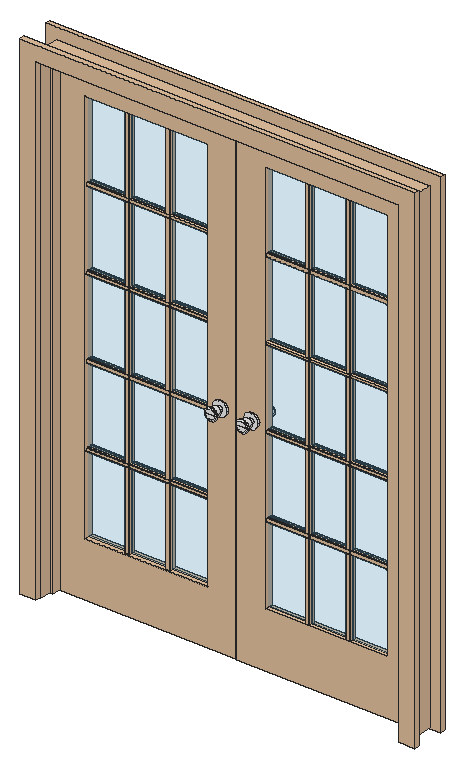
Revit family "M_Porta-Interna-Vidro completo-Duplo-Madeira", category Portas, Revit 2019
Family settings
  Hospedeiro = Parede
  Número OmniClass = 23.30.10.00
  Título OmniClass = Doors
  Sempre na vertical = Sim
  Corte com vazios quando carregada = Não
  Compartilhado = Não
  Ponto de cálculo do ambiente = Não
Parameters (values of type "1500 x 2000mm")
  Visual Light Transmittance = 0
  Material da apara = Cerejeira
  Corrimão superior = 120 mm
  Espessura = 35 mm
  Resistência térmica (R) = 0.188367 (m²·K)/W
  Ângulo de abertura [instance] = 90.00°
  Estilos = 120 mm
  Solar Heat Gain Coefficient = 0
  Mostrar grelha [instance] = yes
  Largura bruta = Largura + 50 mm  # 1550 mm
  Altura bruta = Altura + 25 mm  # 2025 mm
  Largura do painel = Largura / 2  # 750 mm
  Material do painel = Cerejeira
  Altura = 2000 mm
  Fechamento da parede = Por hospedeiro
  Largura = 1500 mm
  Coeficiente de transferência de calor (U) = 5.30918 W/(m²·K)
  Função = Interior
  Material da moldura = Cerejeira
  Material da maçaneta = Alumín. 1
  Corrimão inferior = 230 mm
  Código de montagem = "C1020300"
  Construção analítica = "Porta francesa, moldura de madeira com vidro único"
Reference planes
  plane 1 "Centro (Frente/Trás)": y = 0
  plane 2 "Centro (Esquerda/Direita)": x = 0
  plane 3 "Esquerda": x = -775
  plane 4 "Direita": x = 775
  plane 5 "Superior": z = 2025
  plane 6 "Exterior": y = 53.975
  plane 7 "Interior": y = -60.325
  plane 8 "Painel esquerdo da porta": x = -750
  plane 9 "Painel direito da porta": x = 750
  plane 10 "Topo do painel": z = 2000
  plane 11: z = 0
  plane 12: z = 0
  plane 13: x = 768.65
  plane 14: y = 18.975
  plane 15: y = -15.95
  plane 16: x = 737.3
  plane 17: y = 18.975
  plane 18: z = 230
  plane 19: z = 1880
  plane 20: x = 630
  plane 21: x = -630
  plane 22: y = 32.975
  plane 23: y = 39.975
  plane 24: z = 914.4
  plane 25: y = 25.975
  plane 26: y = 46.975
  plane 27: x = 120
  plane 28: x = -120
  plane 29: x = -375
  plane 30: x = 375
  plane 31: z = 1000
  plane 32 "Vidro": y = 36.475
Forms (mm)
  Sweep 1, solid, material "Cerejeira" <- "Material da moldura"
    path origin (0, 0, 0) x (1, 0, 0) y (0, 0, 1)
      loop
        line (775, 0) -> (775, 2025) -> (-775, 2025) -> (-775, 0)
    profile origin (775, 0, 1012.5) x (-1, 0, 0) y (0, -1, 0)
      loop
        line (25, -53.975) -> (25, -18.975) -> (37.7, -18.975) -> (37.7, 15.95) -> (25, 15.95) -> (25, 60.325) -> (0, 60.325) -> (0, -53.975) -> (25, -53.975)
  Extrusion 2, solid, material "Cerejeira" <- "Material do painel"
    sketch origin (0, 0, 0) x (1, 0, 0) y (0, 0, 1)
      loop
        line (750, 2000) -> (-750, 2000) -> (-750, 0) -> (750, 0) -> (750, 2000)
      loop
        line (630, 1880) -> (120, 1880) -> (120, 230) -> (630, 230) -> (630, 1880)
      loop
        line (-630, 1880) -> (-630, 230) -> (-120, 230) -> (-120, 1880) -> (-630, 1880)
    from -53.975 to -18.975
  Extrusion 3, solid, material "Vidro"
    sketch origin (0, 0, 0) x (1, 0, 0) y (0, 0, 1)
      loop
        line (630, 1880) -> (120, 1880) -> (120, 230) -> (630, 230) -> (630, 1880)
      loop
        line (-630, 1880) -> (-630, 230) -> (-120, 230) -> (-120, 1880) -> (-630, 1880)
    from -39.975 to -32.975
  Sweep 4, solid, material "Cerejeira" <- "Material da apara", detail levels fine
    path origin (0, 53.975, 0) x (1, 0, 0) y (0, 0, 1)
      loop
        line (750, 0) -> (750, 2000) -> (-750, 2000) -> (-750, 0)
    profile "Perfil de caixa-plano : 20 x 65mm" origin (750, 53.975, 1000) x (-1, 0, 0) y (0, -1, 0)
      loop
        line (-6.35, -20) -> (-6.35, 0) -> (-71.35, 0) -> (-71.35, -20) -> (-6.35, -20)
  Sweep 5, solid, material "Cerejeira" <- "Material da apara", detail levels fine
    path origin (0, -60.325, 0) x (1, 0, 0) y (0, 0, 1)
      loop
        line (750, 0) -> (750, 2000) -> (-750, 2000) -> (-750, 0)
    profile "Perfil de caixa-plano : 20 x 65mm" origin (750, -60.325, 1000) x (-1, 0, 0) y (0, -1, 0)
      loop
        line (-6.35, 20) -> (-71.35, 20) -> (-71.35, 0) -> (-6.35, 0) -> (-6.35, 20)
  Extrusion 6, void
    sketch origin (0, 0, 0) x (1, 0, 0) y (0, 1, 0)
      loop
        line (-1.602, 53.975) -> (-1.602, 18.975) -> (1.587, 18.975) -> (1.587, 53.975) -> (-1.602, 53.975)
    from 0 to 2000
Cuts and joins
  Extrusion 6 cuts Sweep 1
  Extrusion 6 cuts Extrusion 2
  Extrusion 6 cuts Extrusion 3
  Extrusion 6 cuts Sweep 4
Lines and regions (mm)
  Opening 1
    outline origin (-2286, -60.325, 0) x (1, 0, 0) y (0, 0, 1)
      loop
        line (1511, 0) -> (3061, 0) -> (3061, 2025) -> (1511, 2025) -> (1511, 0)
  Masking region 1, detail levels coarse+medium
    outline origin (0, 0, 0) x (1, 0, 0) y (0, 1, 0)
      loop
        line (-775, 53.975) -> (-775, -60.325) -> (-750, -60.325) -> (-750, 53.975) -> (-775, 53.975)
      loop
        line (775, 53.975) -> (750, 53.975) -> (750, -60.325) -> (775, -60.325) -> (775, 53.975)
  Masking region 2, detail levels fine
    outline origin (-25.4, 0, 0) x (1, 0, 0) y (0, 1, 0)
      loop
        line (-749.6, 53.975) -> (-749.6, -60.325) -> (-724.6, -60.325) -> (-724.6, -15.95) -> (-711.9, -15.95) -> (-711.9, 18.975) -> (-724.6, 18.975) -> (-724.6, 53.975) -> (-749.6, 53.975)
      loop
        line (800.4, 53.975) -> (775.4, 53.975) -> (775.4, 18.975) -> (762.7, 18.975) -> (762.7, -15.95) -> (775.4, -15.95) -> (775.4, -60.325) -> (800.4, -60.325) -> (800.4, 53.975)
  Masking region 3, detail levels fine
    outline origin (0, 0, 0) x (1, 0, 0) y (0, 1, 0)
      loop
        line (-821.35, 73.975) -> (-821.35, 53.975) -> (-756.35, 53.975) -> (-756.35, 73.975) -> (-821.35, 73.975)
      loop
        line (-821.35, -60.325) -> (-821.35, -80.325) -> (-756.35, -80.325) -> (-756.35, -60.325) -> (-821.35, -60.325)
      loop
        line (756.35, 73.975) -> (756.35, 53.975) -> (821.35, 53.975) -> (821.35, 73.975) -> (756.35, 73.975)
      loop
        line (756.35, -60.325) -> (756.35, -80.325) -> (821.35, -80.325) -> (821.35, -60.325) -> (756.35, -60.325)
  Masking region 4
    outline origin (0, 0, 0) x (0, 1, 0) y (0, 0, 1)
      loop
        line (53.975, 2025) -> (-60.325, 2025) -> (-60.325, 2018.65) -> (53.975, 2018.65) -> (53.975, 2025)
  symbolic lines, style "Giro da elevação"
    curve 1: line (0, 53.975, 2000) -> (750, 53.975, 1000)
    curve 2: line (750, 53.975, 1000) -> (0, 53.975, 0)
    curve 3: line (0, 53.975, 2000) -> (-750, 53.975, 1000)
    curve 4: line (-750, 53.975, 1000) -> (0, 53.975, 0)
  model lines, style "DoorsGlassProjection"
    curve 5: line (630, 36.475, 1880) -> (630, 36.475, 230)
    curve 6: line (120, 36.475, 1880) -> (120, 36.475, 230)
    curve 7: line (-630, 36.475, 1880) -> (-630, 36.475, 230)
    curve 8: line (-120, 36.475, 1880) -> (-120, 36.475, 230)
Text (mm)
  text "Exterior" at (-1904.17, 693.701, 0), in view "Nível de referência"
  text "Interior" at (-1904.17, -638.649, 0), in view "Nível de referência"
  text "Exterior" at (0, 1019.848, 3124.603), in view "Direita"
  text "Interior" at (0, -1635.541, 3124.603), in view "Direita"
  text "Interior" at (0, -787.806, 3124.376), in view "Esquerda"
  text "Exterior" at (0, 1386.095, 3124.376), in view "Esquerda"
Dimensions and locks
  equal spacing: plane 3 "Esquerda", plane 2 "Centro (Esquerda/Direita)", plane 4 "Direita"
  "Altura bruta": level to plane 5 "Superior"
  equal spacing: plane 8 "Painel esquerdo da porta", plane 2 "Centro (Esquerda/Direita)", plane 9 "Painel direito da porta"
  "Largura": plane 8 "Painel esquerdo da porta" to plane 9 "Painel direito da porta"
  "Altura": level to plane 10 "Topo do painel"
  plane 11 to plane 12 = 0 mm
  locked: plane 13 to plane 4 "Direita" at 6.35
  "Espessura": plane 14 to plane 6 "Exterior"
  locked: plane 14 to plane 15 at 34.925
  locked: plane 16 to plane 9 "Painel direito da porta" at 12.7
  "Espessura": plane 6 "Exterior" to plane 17
  "Largura bruta": plane 3 "Esquerda" to plane 4 "Direita"
  "Corrimão superior": plane 19 to plane 10 "Topo do painel"
  "Estilos": plane 20 to plane 9 "Painel direito da porta"
  "Estilos": plane 8 "Painel esquerdo da porta" to plane 21
  locked: plane 12 to plane 24 at 914.4
  equal spacing: plane 17, plane 25, plane 22, plane 23, plane 26, plane 6 "Exterior"
  "Estilos": plane 2 "Centro (Esquerda/Direita)" to plane 27
  "Estilos": plane 2 "Centro (Esquerda/Direita)" to plane 28
  equal spacing: plane 27, plane 30, plane 20
  equal spacing: plane 21, plane 29, plane 28
  locked: Extrusion 6 sketch curve to plane 2 "Centro (Esquerda/Direita)" at 1.602
  locked: plane 2 "Centro (Esquerda/Direita)" to Extrusion 6 sketch curve at 1.588
  cut or joined group of Extrusion 2, Extrusion 6 to nested 5 = 1650 mm
  "Corrimão inferior": plane 12 to plane 18
  equal spacing: plane 11, plane 31, plane 10 "Topo do painel"
  plane 23 to plane 22 = 7 mm
  locked: plane 5 "Superior" to Masking region 4 sketch curve at 6.35
  equal spacing: plane 23, plane 32 "Vidro", plane 22
  aligned and locked: plane 3 "Esquerda" to Opening 1 sketch curve
  aligned and locked: plane 5 "Superior" to Opening 1 sketch curve  (x2)
  aligned and locked: Opening 1 sketch curve to plane 4 "Direita"
  aligned and locked: Opening 1 sketch curve to level
  aligned and locked: plane 6 "Exterior" to host wall
  aligned and locked: plane 7 "Interior" to host wall
  aligned and locked: plane 5 "Superior" to Sweep 1 sketch curve
  aligned and locked: plane 4 "Direita" to Sweep 1 sketch curve
  aligned and locked: Sweep 1 sketch curve to plane 3 "Esquerda"
  aligned and locked: plane 11 to level
  aligned and locked: plane 11 to Sweep 1 sketch curve  (x2)
  aligned and locked: Sweep 1 sketch curve to plane 9 "Painel direito da porta"
  aligned and locked: Sweep 1 sketch curve to host wall
  aligned and locked: Sweep 1 sketch curve to plane 7 "Interior"
  aligned and locked: plane 15 to Sweep 1 sketch curve
  aligned and locked: Sweep 1 sketch curve to plane 16
  aligned and locked: Sweep 1 sketch curve to plane 14
  aligned and locked: Extrusion 2 sketch curve to plane 10 "Topo do painel"
  aligned and locked: Extrusion 2 sketch curve to plane 8 "Painel esquerdo da porta"
  aligned and locked: plane 9 "Painel direito da porta" to Extrusion 2 sketch curve
  aligned and locked: Extrusion 2 sketch curve to plane 12
  aligned and locked: Extrusion 2 to plane 17
  aligned and locked: Extrusion 2 to plane 6 "Exterior"
  aligned and locked: Extrusion 2 sketch curve to plane 19
  aligned and locked: Extrusion 2 sketch curve to plane 21
  aligned and locked: plane 20 to Extrusion 2 sketch curve
  aligned and locked: Extrusion 2 sketch curve to plane 18
  aligned and locked: Extrusion 3 sketch curve to plane 19
  aligned and locked: plane 20 to Extrusion 3 sketch curve
  aligned and locked: Extrusion 3 sketch curve to plane 21
  aligned and locked: Extrusion 3 sketch curve to plane 18
  aligned and locked: Extrusion 3 to plane 23
  aligned and locked: Extrusion 3 to plane 22
  aligned and locked: nested 1 to plane 9 "Painel direito da porta"
  aligned and locked: plane 6 "Exterior" to nested 1
  aligned and locked: plane 6 "Exterior" to nested 2  (x2)
  aligned and locked: nested 3 to plane 17  (x2)
  aligned and locked: plane 9 "Painel direito da porta" to Sweep 4 sketch curve
  aligned and locked: Sweep 4 sketch curve to plane 8 "Painel esquerdo da porta"
  aligned and locked: Sweep 4 sketch curve to plane 10 "Topo do painel"
  aligned and locked: Sweep 5 sketch curve to plane 9 "Painel direito da porta"
  aligned and locked: Sweep 5 sketch curve to plane 10 "Topo do painel"
  aligned and locked: plane 8 "Painel esquerdo da porta" to Sweep 5 sketch curve
  aligned and locked: Masking region 1 sketch curve to plane 3 "Esquerda"
  aligned and locked: plane 8 "Painel esquerdo da porta" to Masking region 1 sketch curve
  aligned and locked: Masking region 1 sketch curve to plane 7 "Interior"
  aligned and locked: plane 6 "Exterior" to Masking region 1 sketch curve
  aligned and locked: plane 9 "Painel direito da porta" to Masking region 1 sketch curve
  aligned and locked: Masking region 1 sketch curve to plane 4 "Direita"
  aligned and locked: plane 7 "Interior" to Masking region 1 sketch curve
  aligned and locked: Masking region 1 sketch curve to plane 6 "Exterior"
  aligned and locked: plane 11 to Sweep 4 sketch curve  (x2)
  aligned and locked: plane 11 to Sweep 5 sketch curve  (x2)
  aligned and locked: Masking region 2 sketch curve to plane 3 "Esquerda"
  aligned and locked: Masking region 2 sketch curve to plane 7 "Interior"
  aligned and locked: plane 6 "Exterior" to Masking region 2 sketch curve
  aligned and locked: Masking region 2 sketch curve to Sweep 1  (x3)
  aligned and locked: Masking region 3 sketch curve to Sweep 4  (x6)
  aligned and locked: Masking region 3 sketch curve to plane 6 "Exterior"  (x2)
  aligned and locked: plane 7 "Interior" to Masking region 3 sketch curve  (x2)
  aligned and locked: Masking region 3 sketch curve to Sweep 5  (x6)
  aligned and locked: Masking region 2 sketch curve to plane 4 "Direita"
  aligned and locked: plane 9 "Painel direito da porta" to Masking region 2 sketch curve  (x3)
  aligned and locked: Masking region 2 sketch curve to plane 17
  aligned and locked: Sweep 1 to Masking region 2 sketch curve
  aligned and locked: nested 5 to plane 23
  aligned and locked: nested 4 to plane 22
  aligned and locked: nested 6 to plane 8 "Painel esquerdo da porta"
  aligned and locked: nested 6 to plane 6 "Exterior"
  aligned and locked: nested 5 to plane 30
  aligned and locked: nested 7 to plane 29
  aligned and locked: Extrusion 3 sketch curve to plane 28
  aligned and locked: Extrusion 3 sketch curve to plane 27
  aligned and locked: plane 2 "Centro (Esquerda/Direita)" to nested 2
  aligned and locked: nested 4 to plane 29
  aligned and locked: nested 8 to plane 30
  aligned and locked: nested 3 to plane 2 "Centro (Esquerda/Direita)"
  aligned and locked: nested 9 to plane 2 "Centro (Esquerda/Direita)"
  aligned and locked: plane 2 "Centro (Esquerda/Direita)" to nested 10
  aligned and locked: plane 6 "Exterior" to Extrusion 6 sketch curve
  aligned and locked: plane 17 to Extrusion 6 sketch curve
  aligned and locked: plane 10 "Topo do painel" to cut or joined group of Extrusion 2, Extrusion 6
  aligned and locked: plane 12 to cut or joined group of Extrusion 2, Extrusion 6
  aligned and locked: nested 5 to plane 18
  aligned and locked: nested 7 to plane 18
  aligned and locked: nested 4 to plane 18
  aligned and locked: nested 8 to plane 18
  aligned and locked: plane 8 "Painel esquerdo da porta" to Masking region 2 sketch curve  (x2)
  aligned and locked: nested 2 to plane 24
  aligned and locked: plane 24 to nested 10
  aligned and locked: plane 24 to nested 3
  aligned and locked: nested 9 to plane 24
  aligned and locked: plane 17 to nested 9
  aligned and locked: nested 10 to plane 6 "Exterior"
  aligned and locked: nested 7 to plane 23
  aligned and locked: nested 8 to plane 22
  aligned and locked: plane 10 "Topo do painel" to curve 3
  aligned and locked: plane 2 "Centro (Esquerda/Direita)" to curve 3
  aligned and locked: plane 11 to curve 4
  aligned and locked: plane 2 "Centro (Esquerda/Direita)" to curve 4
  aligned and locked: plane 31 to curve 3
  aligned and locked: plane 8 "Painel esquerdo da porta" to curve 4
  aligned and locked: plane 31 to curve 1
  aligned and locked: plane 9 "Painel direito da porta" to curve 2
  aligned and locked: Sweep 1 sketch curve to profile plane
  aligned and locked: plane 5 "Superior" to Masking region 4 sketch curve
  aligned and locked: plane 6 "Exterior" to Masking region 4 sketch curve
  aligned and locked: Masking region 4 sketch curve to plane 7 "Interior"
  aligned and locked: curve 5 to plane 20
  aligned and locked: plane 19 to curve 5
  aligned and locked: plane 18 to curve 5
  aligned and locked: curve 6 to plane 27
  aligned and locked: plane 19 to curve 6
  aligned and locked: plane 18 to curve 6
  aligned and locked: plane 19 to curve 8
  aligned and locked: curve 7 to plane 19
  aligned and locked: plane 18 to curve 8
  aligned and locked: curve 7 to plane 18
  aligned and locked: curve 8 to plane 28
Automatic sketch dimensions
  plane 16 to Sweep 1 sketch curve = 12.7 mm
  plane 18 to Extrusion 2 sketch curve = 0 mm
  Extrusion 2 sketch curve to plane 19 = 0 mm
  Extrusion 2 sketch curve to plane 28 = 0 mm
  plane 27 to Extrusion 2 sketch curve = 0 mm
  Extrusion 3 sketch curve to Extrusion 3 sketch curve = 0 mm  (x2)
  host wall to Masking region 2 sketch curve = 0 mm
  Masking region 2 sketch curve to plane 17 = 0 mm
  Masking region 2 sketch curve to host wall = 0 mm
  plane 21 to curve 7 = 0 mm
Nested families
  nested 1: "Porta com abertura única" at (750, 53.975, 0), Ângulo de abertura <- "Ângulo de abertura", type "Único"
    with Abertura visível yes, Ângulo de abertura 90.00°, Ângulo real 90.00°, Largura 750 mm, Espessura 35 mm
  nested 2: "M_Maçaneta residencial" at (0, 53.975, 914.4), type "Padrão", detail levels fine
  nested 3: "M_Maçaneta residencial" at (0, 18.975, 914.4), type "Padrão", detail levels fine
  nested 4: "Grelha da porta" at (-371.676, 32.975, 0), visible <- "Mostrar grelha", type "Grelha da porta"
    with Largura 750 mm, Largura da vidraça 510 mm
  nested 5: "Grelha da porta" at (378.324, 39.975, 0), visible <- "Mostrar grelha", type "Grelha da porta"
    with Largura 750 mm, Largura da vidraça 510 mm
  nested 6: "Porta com abertura única" at (-750, 53.975, 0) x (-1, 0, 0) z (0, 0, 1), Ângulo de abertura <- "Ângulo de abertura", type "Único"
    with Abertura visível yes, Ângulo de abertura 90.00°, Ângulo real 90.00°, Largura 750 mm, Espessura 35 mm
  nested 7: "Grelha da porta" at (-371.676, 39.975, 0), visible <- "Mostrar grelha", type "Grelha da porta"
    with Largura 750 mm, Largura da vidraça 510 mm
  nested 8: "Grelha da porta" at (378.324, 32.975, 0), visible <- "Mostrar grelha", type "Grelha da porta"
    with Largura 750 mm, Largura da vidraça 510 mm
  nested 9: "M_Maçaneta residencial" at (0, 18.975, 914.4) x (-1, 0, 0) z (0, 0, 1), type "Padrão", detail levels fine
  nested 10: "M_Maçaneta residencial" at (0, 53.975, 914.4) x (-1, 0, 0) z (0, 0, 1), type "Padrão", detail levels fine
Definition of nested family "M_Maçaneta residencial"
  Parameters (values of type "Padrão")
    Manufacturer = ""
    Material = none
    Handle Z Distance = 0 mm
    Handle X Distance = 65 mm
    Analytic Construction = "<Nenhum>"
  Reference planes
    plane 1 "Centro (Frente/Trás)": y = 0
    plane 2: z = 0
    plane 3 "Centro (Esquerda/Direita)": x = 0
    plane 4: z = 0
    plane 5: x = 65
  Forms (mm)
    Extrusion 1, solid, material <- "Material"
      sketch origin (0, 0, 0) x (1, 0, 0) y (0, 0, 1)
        loop
          circle (65, 0) r 30
      from 0 to -6
    Revolve 2, solid, material <- "Material"
      sketch origin (0, 0, 0) x (0, -1, 0) y (1, 0, 0)
        loop
          line (-25, 55) -> (-6, 55) -> (-6, 65) -> (-55, 65) -> (-55, 44.524) -> (-53.172, 40) -> (-49.708, 40) -> (-25, 46.364) -> (-25, 55)
        axis (-6, 65) -> (-55, 65)
      angle from 0 to 360
  Dimensions and locks
    "Handle Z Distance": plane 4 to level
    "Handle X Distance": plane 5 to plane 3 "Centro (Esquerda/Direita)"
  Automatic sketch dimensions
    Extrusion 1 sketch curve to plane 4 = 0 mm
    Extrusion 1 sketch curve to plane 5 = 0 mm
    Revolve 2 sketch curve to plane 5 = 0 mm  (x2)
    Revolve 2 sketch curve to plane 1 "Centro (Frente/Trás)" = 66 mm
    Revolve 2 sketch curve to Revolve 2 sketch curve = 11 mm
    Revolve 2 sketch curve to Revolve 2 sketch curve = 1.828 mm
    Revolve 2 sketch curve to Revolve 2 sketch curve = 3.464 mm
    Revolve 2 sketch curve to plane 1 "Centro (Frente/Trás)" = 25 mm
    Revolve 2 sketch curve to plane 1 "Centro (Frente/Trás)" = 6 mm
    Revolve 2 sketch curve to Revolve 2 sketch curve = 0 mm
    Revolve 2 sketch curve to Revolve 2 sketch curve = 10 mm
    Revolve 2 sketch curve to Revolve 2 sketch curve = 8.636 mm
    Revolve 2 sketch curve to Revolve 2 sketch curve = 20.476 mm
    Revolve 2 sketch curve to Revolve 2 sketch curve = 4.524 mm
    radius of Extrusion 1 sketch curve = 30 mm
Definition of nested family "Grelha da porta"
  Parameters (values of type "Grelha da porta")
    Width = 760 mm
    Deslocamento vertical = Corrimão inferior + [Sub-corte]  # 230 mm
    Sub-corte = 0 mm
    Corrimão superior = 120 mm
    Estilos = 120 mm
    Material do montante secundário = none
    Manufacturer = ""
    Height = 2000 mm
    Largura da vidraça = Width - (2 * Estilos)  # 520 mm
    Altura da vidraça = Height - (Corrimão inferior + [Sub-corte] + Corrimão superior)  # 1650 mm
    Corrimão inferior = 230 mm
    Analytic Construction = "<Nenhum>"
    Leve largo 3 = Largura da vidraça > 450 mm  # yes
    Leve largo 2 = not(Leve largo 3)  # no
  Reference planes
    plane 1 "Centro (Frente/Trás)": y = 0
    plane 2: z = 0
    plane 3 "Centro (Esquerda/Direita)": x = -3.324
    plane 4: z = 230
    plane 5: z = 1880
    plane 6: x = 256.676
    plane 7: x = -263.324
    plane 8: z = 890
    plane 9: z = 1220
    plane 10: z = 1550
    plane 11: z = 560
    plane 12: x = 83.343
    plane 13: x = -89.99
  Forms (mm)
    Sweep 1, solid, material <- "Material do montante secundário", visible <- "Leve largo 3", detail levels medium+fine
      path origin (0, 0, 0) x (1, 0, 0) y (0, 0, 1)
        loop
          line (-89.99, 230) -> (-89.99, 1880)
      profile "Perfil_Montante secundário : M_Perfil_Montante secundário" origin (-89.99, 0, 1055) x (-1, 0, 0) y (0, -1, 0)
        loop
          line (-9.525, 0) -> (9.525, 0) -> (9.525, 6.35) -> (6.35, 9.525) -> (-6.35, 9.525) -> (-9.525, 6.35) -> (-9.525, 0)
    Sweep 2, solid, material <- "Material do montante secundário", visible <- "Leve largo 3", detail levels medium+fine
      path origin (237.067, 0, 0) x (1, 0, 0) y (0, 0, 1)
        loop
          line (-153.724, 230) -> (-153.724, 1880)
      profile "Perfil_Montante secundário : M_Perfil_Montante secundário" origin (83.343, 0, 1055) x (-1, 0, 0) y (0, -1, 0)
        loop
          line (-9.525, 0) -> (9.525, 0) -> (9.525, 6.35) -> (6.35, 9.525) -> (-6.35, 9.525) -> (-9.525, 6.35) -> (-9.525, 0)
    Sweep 3, solid, material <- "Material do montante secundário", detail levels medium+fine
      path in 3D
        loop
          line (-263.324, 0, 560) -> (256.676, 0, 560)
      profile "Perfil_Montante secundário : M_Perfil_Montante secundário" origin (-3.324, 0, 560) x (0, 0, 1) y (0, -1, 0)
        loop
          line (-9.525, 0) -> (9.525, 0) -> (9.525, 6.35) -> (6.35, 9.525) -> (-6.35, 9.525) -> (-9.525, 6.35) -> (-9.525, 0)
    Sweep 4, solid, material <- "Material do montante secundário", visible <- "Leve largo 2", detail levels medium+fine
      path origin (118.533, 0, 0) x (1, 0, 0) y (0, 0, 1)
        loop
          line (-121.857, 230) -> (-121.857, 1880)
      profile "Perfil_Montante secundário : M_Perfil_Montante secundário" origin (-3.324, 0, 1055) x (-1, 0, 0) y (0, -1, 0)
        loop
          line (-9.525, 0) -> (9.525, 0) -> (9.525, 6.35) -> (6.35, 9.525) -> (-6.35, 9.525) -> (-9.525, 6.35) -> (-9.525, 0)
    Sweep 5, solid, material <- "Material do montante secundário", detail levels medium+fine
      path origin (0, 0, 0) x (1, 0, 0) y (0, 0, 1)
        loop
          line (-263.324, 890) -> (256.676, 890)
      profile "Perfil_Montante secundário : M_Perfil_Montante secundário" origin (-3.324, 0, 890) x (0, 0, 1) y (0, -1, 0)
        loop
          line (-9.525, 0) -> (9.525, 0) -> (9.525, 6.35) -> (6.35, 9.525) -> (-6.35, 9.525) -> (-9.525, 6.35) -> (-9.525, 0)
    Sweep 6, solid, material <- "Material do montante secundário", detail levels medium+fine
      path origin (0, 0, 0) x (1, 0, 0) y (0, 0, 1)
        loop
          line (-263.324, 1220) -> (256.676, 1220)
      profile "Perfil_Montante secundário : M_Perfil_Montante secundário" origin (-3.324, 0, 1220) x (0, 0, 1) y (0, -1, 0)
        loop
          line (-9.525, 0) -> (9.525, 0) -> (9.525, 6.35) -> (6.35, 9.525) -> (-6.35, 9.525) -> (-9.525, 6.35) -> (-9.525, 0)
    Sweep 7, solid, material <- "Material do montante secundário", detail levels medium+fine
      path origin (0, 0, 0) x (1, 0, 0) y (0, 0, 1)
        loop
          line (-263.324, 1550) -> (256.676, 1550)
      profile "Perfil_Montante secundário : M_Perfil_Montante secundário" origin (-3.324, 0, 1550) x (0, 0, 1) y (0, -1, 0)
        loop
          line (-9.525, 0) -> (9.525, 0) -> (9.525, 6.35) -> (6.35, 9.525) -> (-6.35, 9.525) -> (-9.525, 6.35) -> (-9.525, 0)
  Lines and regions (mm)
    model lines, visible <- "Leve largo 3", detail levels coarse
      curve 1: line (-89.99, 0, 1880) -> (-89.99, 0, 230)
      curve 2: line (83.343, 0, 230) -> (83.343, 0, 1880)
    model lines, detail levels coarse
      curve 3: line (-263.324, 0, 560) -> (256.676, 0, 560)
      curve 4: line (-263.324, 0, 890) -> (256.676, 0, 890)
      curve 5: line (-263.324, 0, 1220) -> (256.676, 0, 1220)
      curve 6: line (-263.324, 0, 1550) -> (256.676, 0, 1550)
    sketch lines
      curve 7: line (-263.324, 0, 560) -> (256.676, 0, 560)
    model lines, visible <- "Leve largo 2", detail levels coarse
      curve 8: line (-3.324, 0, 1880) -> (-3.324, 0, 230)
    symbolic lines
      curve 9: line (-263.324, 0, 230) -> (256.676, 0, 230)
  Dimensions and locks
    equal spacing: plane 6, plane 3 "Centro (Esquerda/Direita)", plane 7
    "Largura da vidraça": plane 6 to plane 7
    "Altura da vidraça": plane 5 to plane 4
    "Deslocamento vertical": plane 4 to plane 2
    equal spacing: plane 6, plane 12, plane 13, plane 7
    equal spacing: plane 5, plane 10, plane 9, plane 8, plane 11, plane 4
    aligned and locked: plane 13 to Sweep 1 sketch curve
    aligned and locked: plane 5 to Sweep 1 sketch curve
    aligned and locked: plane 4 to Sweep 1 sketch curve
    aligned and locked: plane 12 to Sweep 2 sketch curve
    aligned and locked: plane 5 to Sweep 2 sketch curve
    aligned and locked: plane 4 to Sweep 2 sketch curve
    aligned and locked: curve 1 to plane 13
    aligned and locked: plane 12 to curve 2
    aligned and locked: plane 5 to curve 2
    aligned and locked: plane 5 to curve 1
    aligned and locked: plane 4 to curve 2
    aligned and locked: plane 4 to curve 1
    aligned and locked: curve 6 to plane 10
    aligned and locked: curve 5 to plane 9
    aligned and locked: curve 4 to plane 8
    aligned and locked: curve 3 to plane 11
    aligned and locked: plane 6 to curve 3
    aligned and locked: plane 6 to curve 4
    aligned and locked: plane 6 to curve 5
    aligned and locked: plane 6 to curve 6
    aligned and locked: plane 7 to curve 6
    aligned and locked: plane 7 to curve 5
    aligned and locked: plane 7 to curve 4
    aligned and locked: plane 7 to curve 3
    aligned and locked: plane 3 "Centro (Esquerda/Direita)" to Sweep 4 sketch curve
    aligned and locked: plane 5 to Sweep 4 sketch curve
    aligned and locked: plane 4 to Sweep 4 sketch curve
    aligned and locked: curve 8 to plane 3 "Centro (Esquerda/Direita)"
    aligned and locked: plane 4 to curve 8
    aligned and locked: plane 5 to curve 8
    aligned and locked: Sweep 5 sketch curve to plane 8
    aligned and locked: plane 7 to Sweep 5 sketch curve
    aligned and locked: plane 6 to Sweep 5 sketch curve
    aligned and locked: plane 7 to Sweep 6 sketch curve
    aligned and locked: plane 6 to Sweep 6 sketch curve
    aligned and locked: Sweep 6 sketch curve to plane 9
    aligned and locked: plane 7 to Sweep 7 sketch curve
    aligned and locked: plane 6 to Sweep 7 sketch curve
    aligned and locked: Sweep 7 sketch curve to plane 10
    aligned and locked: plane 1 "Centro (Frente/Trás)" to curve 9
    aligned and locked: plane 7 to curve 9
    aligned and locked: plane 6 to curve 9
Definition of nested family "Porta com abertura única"
  Parameters
    Width = 914.4 mm
    Thickness = 44.45 mm
    Abertura visível [instance] = Ângulo de abertura > 1.00°  # yes
    Ângulo de abertura [instance] = 45.00°
    Assembly Code = ""
    Analytic Construction = "<Nenhum>"
    Ângulo real [instance] = if(Ângulo de abertura < 1.00°, 1.00°, Ângulo de abertura)  # 45.00°
  Reference planes
    plane 1 "Centro (Frente/Trás)": y = 0
    plane 2: z = 0
    plane 3 "Centro (Esquerda/Direita)": x = 0
    plane 4: x = -914.4
  Lines and regions (mm)
    Masking region 1
      outline origin (0, 0, 0) x (-0.707107, 0.707107, 0) y (-0.707107, -0.707107, 0)
        loop
          line (0, 0) -> (914.4, 0) -> (914.4, 44.45) -> (0, 44.45) -> (0, 0)
    symbolic lines
      curve 1: line (0, 0, 0) -> (-914.4, 0, 0)
    symbolic lines, visible <- "Abertura visível"
      curve 2: arc (-914.4, 0, 0) -> (-844.795, 349.926, 0) -> (-646.578, 646.578, 0) r 914.4
    reference lines
      curve 3: line (0, 0, 0) -> (-646.578, 646.578, 0)
    model lines
      curve 4: line (0, 0, 0) -> (0, 0, 25.4)
  Dimensions and locks
    "Width": plane 4 to plane 3 "Centro (Esquerda/Direita)"
    locked: curve 2 to plane 3 "Centro (Esquerda/Direita)"
    locked: curve 2 to plane 1 "Centro (Frente/Trás)"
    "Width": curve 3 to curve 3
    "Thickness": Masking region 1 sketch curve to Masking region 1 sketch curve
    locked: curve 4 to plane 2 at 25.4
    "Width": radius of curve 2
    "Ângulo real": angle curve 2 to curve 2
    "Ângulo de abertura": angle curve 3 to plane 1 "Centro (Frente/Trás)"
    aligned and locked: curve 1 to plane 1 "Centro (Frente/Trás)"
    aligned and locked: plane 3 "Centro (Esquerda/Direita)" to curve 1
    aligned and locked: plane 3 "Centro (Esquerda/Direita)" to curve 3
    aligned and locked: plane 1 "Centro (Frente/Trás)" to curve 3
    aligned and locked: curve 3 to Masking region 1 sketch curve
    aligned and locked: Masking region 1 sketch curve to curve 3  (x2)
    aligned and locked: plane 3 "Centro (Esquerda/Direita)" to curve 4
    aligned and locked: plane 2 to curve 4
Types in the file's own list only (11): name | Transmissão de luz visual | Resistência térmica (R) | Coeficiente de ganho de calor solar | Largura bruta | Altura bruta | Largura do painel | Altura | Largura | Coeficiente de transferência de calor (U)
  1600 x 2000mm | 0 | 0.1884 (m²·K)/W | 0 | 1650 mm | 2025 mm | 800 mm | 2000 mm | 1600 mm | 5.3092 W/(m²·K)
  1700 x 2000mm | 0 | 0.1884 (m²·K)/W | 0 | 1750 mm | 2025 mm | 850 mm | 2000 mm | 1700 mm | 5.3092 W/(m²·K)
  1800 x 2000mm | 0 | 0.1884 (m²·K)/W | 0 | 1850 mm | 2025 mm | 900 mm | 2000 mm | 1800 mm | 5.3092 W/(m²·K)
  1500 x 2100mm | 0 | 0.1884 (m²·K)/W | 0 | 1550 mm | 2125 mm | 750 mm | 2100 mm | 1500 mm | 5.3092 W/(m²·K)
  1600 x 2100mm | 0 | 0.1884 (m²·K)/W | 0 | 1650 mm | 2125 mm | 800 mm | 2100 mm | 1600 mm | 5.3092 W/(m²·K)
  1700 x 2100mm | 0 | 0.1884 (m²·K)/W | 0 | 1750 mm | 2125 mm | 850 mm | 2100 mm | 1700 mm | 5.3092 W/(m²·K)
  1800 x 2100mm | 0 | 0.1884 (m²·K)/W | 0 | 1850 mm | 2125 mm | 900 mm | 2100 mm | 1800 mm | 5.3092 W/(m²·K)
  1500 x 2400mm | 0 | 0.1884 (m²·K)/W | 0 | 1550 mm | 2425 mm | 750 mm | 2400 mm | 1500 mm | 5.3092 W/(m²·K)
  1600 x 2400mm | 0 | 0.1884 (m²·K)/W | 0 | 1650 mm | 2425 mm | 800 mm | 2400 mm | 1600 mm | 5.3092 W/(m²·K)
  1700 x 2400mm | 0 | 0.1884 (m²·K)/W | 0 | 1750 mm | 2425 mm | 850 mm | 2400 mm | 1700 mm | 5.3092 W/(m²·K)
  1800 x 2400mm | 0 | 0.1884 (m²·K)/W | 0 | 1850 mm | 2425 mm | 900 mm | 2400 mm | 1800 mm | 5.3092 W/(m²·K)
